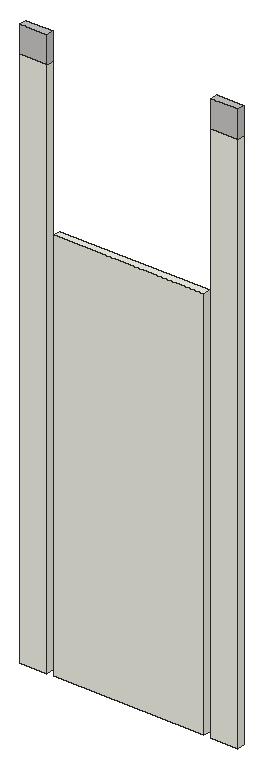
Revit family
Parameters (values of type "B-1098")
  Width Value = if(Inswing Visibility, Inswing Value, if(Outswing, Outswing Value, if(Panel, Panel Value, 36")))  # 22"
  URL = "http://www.bobrick.com"
  Right Stile Visible = yes
  Right Stile Value = if(Right Stile Width < 3", 3", if(Right Stile Width > 24", 24", Right Stile Width))  # 4"
  Partition Material = Laminated Plastic - Bobrick - Designer White
  Panel Value = if(DoorPanel Width < 1", 1", if(DoorPanel Width > 84", 84", DoorPanel Width))  # 1"
  Panel Height [instance] = if(Ceiling Height < 96", 84", if(Ceiling Height > 120", 108", (Ceiling Height - 12")))  # 84"
  Panel = not(Door Panel)  # no
  Outswing Value = if(DoorPanel Width < 25", 25", if(DoorPanel Width > 37", 37", DoorPanel Width))  # 25"
  Outswing = and(not(Inswing Visibility), Door Panel)  # no
  Model = "B1098 SierraSeries Ceiling-Hung"
  Manufacturer = "Bobrick Washroom Equipment, Inc."
  Left Stile Visible = yes
  Left Stile Value = if(Left Stile Width < 3", 3", if(Left Stile Width > 24", 24", Left Stile Width))  # 4"
  Inswing Visibility = and(Inswing, Door Panel)  # yes
  Inswing Value = if(DoorPanel Width < 22", 22", if(DoorPanel Width > 37", 37", DoorPanel Width))  # 22"
  Inswing = yes
  DoorPanel Width = 1"
  Door Panel = yes
  Description = "Water and Fire-Resistant Solid Color Reinforced Composite Toilet Partitions and Urinal Screens"
  Right Stile Width = 4"
  Ceiling Height [instance] = 96"
  Assembly Code = "C1030200"
  Left Stile Width = 4"
Reference planes (in)
  plane 1 "Center (Front/Back)": y = 0
  plane 2 "Ceiling": z = 96
  plane 3 "Center (Left/Right)": x = 0
  plane 4: y = 0.5
  plane 5: y = -0.5
  plane 6: x = -16
  plane 7: x = -12
  plane 8: x = -11
  plane 9: x = 11
  plane 10: x = 12
  plane 11: x = 16
  plane 12: z = 92
  plane 13: z = 70
  plane 14: z = 12
  plane 15: z = 41
  plane 16: x = 10
  plane 17: y = 22.5
Forms (in)
  Extrusion 1, solid, material "Laminated Plastic - Bobrick - Designer White" <- "Partition Material", visible <- "Left Stile Visible"
    sketch origin (0, 0, 0) x (1, 0, 0) y (0, 1, 0)
      loop
        line (-16, 0.5) -> (-16, -0.5) -> (-12, -0.5) -> (-12, 0.5) -> (-16, 0.5)
    from 12 to 92
  Extrusion 2, solid, material "Laminated Plastic - Bobrick - Designer White" <- "Partition Material", visible <- "Right Stile Visible"
    sketch origin (0, 0, 0) x (1, 0, 0) y (0, 1, 0)
      loop
        line (12, 0.5) -> (12, -0.5) -> (16, -0.5) -> (16, 0.5) -> (12, 0.5)
    from 12 to 92
  Extrusion 3, solid, material "Laminated Plastic - Bobrick - Designer White" <- "Partition Material"
    sketch origin (0, 0, 0) x (1, 0, 0) y (0, 1, 0)
      loop
        line (-11, 0.5) -> (-11, -0.5) -> (11, -0.5) -> (11, 0.5) -> (-11, 0.5)
    from 12 to 70
  Extrusion 4, solid, material "Stainless Steel - Bobrick - Satin", visible <- "Left Stile Visible"
    sketch origin (0, 0, 0) x (1, 0, 0) y (0, 1, 0)
      loop
        line (-16, 0.5) -> (-16, -0.5) -> (-12, -0.5) -> (-12, 0.5) -> (-16, 0.5)
    from 92 to 96
  Extrusion 5, solid, material "Stainless Steel - Bobrick - Satin", visible <- "Right Stile Visible"
    sketch origin (0, 0, 0) x (1, 0, 0) y (0, 1, 0)
      loop
        line (12, 0.5) -> (12, -0.5) -> (16, -0.5) -> (16, 0.5) -> (12, 0.5)
    from 92 to 96
Lines and regions (in)
  Masking region 1, visible <- "Left Stile Visible"
    outline origin (0, 0, 0) x (1, 0, 0) y (0, 0, 1)
      loop
        line (-16, 12) -> (-12, 12) -> (-12, 96) -> (-16, 96) -> (-16, 12)
  Masking region 2, visible <- "Right Stile Visible"
    outline origin (0, 0, 0) x (1, 0, 0) y (0, 0, 1)
      loop
        line (12, 96) -> (12, 12) -> (16, 12) -> (16, 96) -> (12, 96)
  Masking region 3
    outline origin (0, 0, 0) x (1, 0, 0) y (0, 0, 1)
      loop
        line (-11, 70) -> (-11, 12) -> (11, 12) -> (11, 70) -> (-11, 70)
  Masking region 4
    outline origin (0, 0, 0) x (0, 1, 0) y (0, 0, 1)
      loop
        line (0.5, 96) -> (-0.5, 96) -> (-0.5, 12) -> (0.5, 12) -> (0.5, 96)
  Masking region 5, visible <- "Left Stile Visible"
    outline origin (0, 0, 0) x (1, 0, 0) y (0, 1, 0)
      loop
        line (-16, 0.5) -> (-16, -0.5) -> (-12, -0.5) -> (-12, 0.5) -> (-16, 0.5)
  Masking region 6, visible <- "Panel"
    outline origin (0, 0, 0) x (1, 0, 0) y (0, 1, 0)
      loop
        line (-11, 0.5) -> (-11, -0.5) -> (11, -0.5) -> (11, 0.5) -> (-11, 0.5)
  Masking region 7, visible <- "Right Stile Visible"
    outline origin (0, 0, 0) x (1, 0, 0) y (0, 1, 0)
      loop
        line (12, 0.5) -> (12, -0.5) -> (16, -0.5) -> (16, 0.5) -> (12, 0.5)
  symbolic lines, style "Partition Elevation Swing", visible <- "Door Panel"
    curve 1: line (-11, 0, 70) -> (11, 0, 41)
    curve 2: line (11, 0, 41) -> (-11, 0, 12)
  symbolic lines, style "Partition Plan Swing", visible <- "Door Panel"
    curve 3: line (10, 22.5, 0) -> (10, 0.5, 0)
    curve 4: line (10, 22.5, 0) -> (11, 22.5, 0)
    curve 5: line (11, 22.5, 0) -> (11, 0.5, 0)
    curve 6: line (10, 0.5, 0) -> (11, 0.5, 0)
    curve 7: arc (-11, 0.5, 0) -> (-4.55635, 16.05635, 0) -> (11, 22.5, 0) r 22
  symbolic lines, style "Partition", visible <- "Left Stile Visible"
    curve 8: line (-16, 0, 92) -> (-12, 0, 92)
  symbolic lines, style "Partition", visible <- "Right Stile Visible"
    curve 9: line (12, 0, 92) -> (16, 0, 92)
Dimensions and locks (in)
  equal spacing: host sketch curve, plane 3 "Center (Left/Right)", host sketch curve
  equal spacing: host sketch curve, plane 1 "Center (Front/Back)", host sketch curve
  host sketch curve to host sketch curve = 120"  (x2)
  locked: plane 7 to plane 8 at 1
  locked: plane 9 to plane 10 at 1
  "Width Value": plane 8 to plane 9
  equal spacing: plane 8, plane 3 "Center (Left/Right)", plane 9
  "Right Stile Value": plane 10 to plane 11
  "Left Stile Value": plane 6 to plane 7
  equal spacing: plane 5, plane 1 "Center (Front/Back)", plane 4
  locked: plane 4 to plane 5 at 1
  locked: plane 2 "Ceiling" to plane 12 at 4
  locked: plane 13 to plane 14 at 58
  locked: plane 2 "Ceiling" to host ceiling
  "Panel Height": plane 2 "Ceiling" to plane 14
  equal spacing: plane 13, plane 15, plane 14
  "Width Value": plane 17 to plane 4
  locked: plane 16 to plane 9 at 1
  aligned and locked: Extrusion 1 sketch curve to plane 4
  aligned and locked: Extrusion 1 sketch curve to plane 7
  aligned and locked: plane 5 to Extrusion 1 sketch curve
  aligned and locked: plane 6 to Extrusion 1 sketch curve
  aligned and locked: Extrusion 2 sketch curve to plane 4
  aligned and locked: plane 10 to Extrusion 2 sketch curve
  aligned and locked: plane 5 to Extrusion 2 sketch curve
  aligned and locked: Extrusion 2 sketch curve to plane 11
  aligned and locked: Extrusion 3 sketch curve to plane 4
  aligned and locked: plane 8 to Extrusion 3 sketch curve
  aligned and locked: plane 5 to Extrusion 3 sketch curve
  aligned and locked: Extrusion 3 sketch curve to plane 9
  aligned: plane 2 "Ceiling" to Extrusion 1
  aligned and locked: plane 13 to Extrusion 3
  aligned: plane 2 "Ceiling" to Extrusion 2
  aligned and locked: Extrusion 2 to plane 14
  aligned and locked: Extrusion 3 to plane 14
  aligned and locked: Extrusion 1 to plane 14
  aligned and locked: plane 12 to Extrusion 1
  aligned and locked: plane 12 to Extrusion 2
  aligned and locked: Extrusion 4 sketch curve to plane 7
  aligned and locked: plane 6 to Extrusion 4 sketch curve
  aligned and locked: Extrusion 4 sketch curve to plane 4
  aligned and locked: plane 5 to Extrusion 4 sketch curve
  aligned and locked: plane 2 "Ceiling" to Extrusion 4
  aligned and locked: Extrusion 4 to plane 12
  aligned and locked: curve 3 to plane 16
  aligned and locked: curve 4 to plane 17
  aligned and locked: Extrusion 3 to curve 7
  aligned and locked: plane 9 to curve 7
  aligned and locked: plane 4 to curve 7
  aligned and locked: Extrusion 5 to plane 10
  aligned and locked: plane 11 to Extrusion 5
  aligned and locked: Extrusion 5 to plane 12
  aligned and locked: plane 2 "Ceiling" to Extrusion 5
  aligned and locked: Masking region 1 sketch curve to plane 6
  aligned and locked: Masking region 1 sketch curve to plane 14
  aligned and locked: plane 7 to Masking region 1 sketch curve
  aligned and locked: plane 2 "Ceiling" to Masking region 1 sketch curve
  aligned and locked: curve 8 to plane 12
  aligned and locked: plane 7 to curve 8
  aligned and locked: plane 6 to curve 8
  aligned and locked: plane 14 to Masking region 2 sketch curve
  aligned and locked: Masking region 2 sketch curve to plane 11
  aligned and locked: plane 10 to Masking region 2 sketch curve
  aligned and locked: Masking region 2 sketch curve to plane 2 "Ceiling"
  aligned and locked: curve 9 to plane 12
  aligned and locked: plane 10 to curve 9
  aligned and locked: plane 11 to curve 9
  aligned and locked: Masking region 3 sketch curve to plane 9
  aligned and locked: plane 8 to Masking region 3 sketch curve
  aligned and locked: Masking region 3 sketch curve to plane 13
  aligned and locked: plane 14 to Masking region 3 sketch curve
  aligned and locked: plane 14 to Masking region 4 sketch curve
  aligned and locked: Masking region 4 sketch curve to plane 2 "Ceiling"
  aligned and locked: Masking region 4 sketch curve to plane 4
  aligned and locked: Masking region 4 sketch curve to plane 5
  aligned and locked: plane 11 to Masking region 7
  aligned and locked: plane 4 to Masking region 7
  aligned and locked: Masking region 7 to plane 10
  aligned and locked: Masking region 7 to plane 5
  aligned and locked: plane 9 to Masking region 6
  aligned and locked: Masking region 6 to plane 8
  aligned and locked: plane 4 to Masking region 6
  aligned and locked: Masking region 6 to plane 5
  aligned and locked: plane 7 to Masking region 5
  aligned and locked: Masking region 5 to plane 6
  aligned and locked: plane 4 to Masking region 5
  aligned and locked: Masking region 5 to plane 5
  aligned and locked: Extrusion 5 to plane 4
  aligned and locked: Extrusion 5 to plane 5
Automatic sketch dimensions
  curve 2 to plane 8 = 0"
  curve 1 to plane 8 = 0"
  curve 2 to plane 9 = 0"
  curve 2 to plane 14 = 0"
  curve 1 to plane 15 = 0"
  curve 1 to plane 13 = 0"
  curve 5 to plane 4 = 0"
  plane 4 to Extrusion 5 sketch curve = 0"
  Extrusion 5 sketch curve to plane 10 = 0"
  plane 11 to Extrusion 5 sketch curve = 0"
  Extrusion 5 sketch curve to plane 5 = 0"
  Masking region 5 sketch curve to plane 6 = 0"
  Masking region 5 sketch curve to plane 5 = 0"
  Masking region 5 sketch curve to plane 7 = 0"
  plane 4 to Masking region 5 sketch curve = 0"
  plane 7 to Masking region 6 sketch curve = 1"
  plane 3 "Center (Left/Right)" to Masking region 6 sketch curve = 11"
  Masking region 6 sketch curve to plane 5 = 0"
  plane 4 to Masking region 6 sketch curve = 0"
  plane 16 to Masking region 7 sketch curve = 2"
  Masking region 7 sketch curve to plane 5 = 0"
  plane 10 to Masking region 7 sketch curve = 4"
  plane 4 to Masking region 7 sketch curve = 0"
